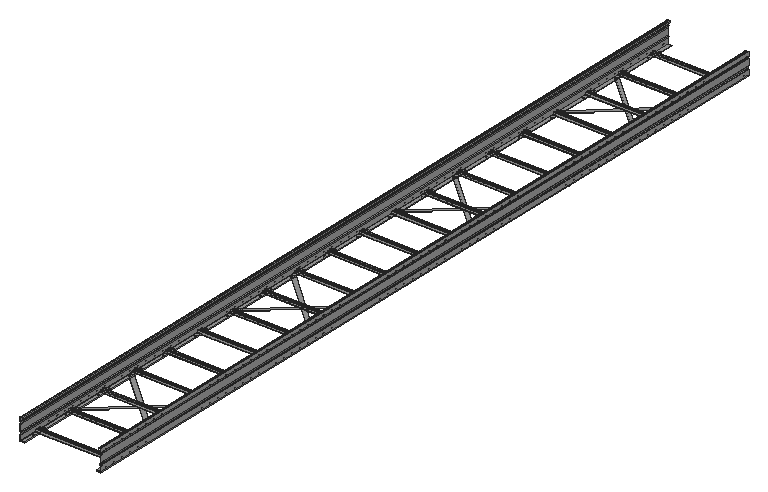
Revit family "WKLG 1660 03.09", category Generic Models, Revit 2017 (continued)
Forms (mm)
  Extrusion 172, void
    sketch origin (0, 750, 0) x (0, 1, 0) y (0, 0, 1)
      loop
        line (25.5, 135.46) -> (49.5, 135.46)
        arc (49.5, 135.46) -> (49.854, 135.607) -> (50, 135.96) r 0.5
        line (50, 135.96) -> (50, 143.96)
        arc (50, 143.96) -> (49.854, 144.314) -> (49.5, 144.46) r 0.5
    from -300 to -298
  Extrusion 173, void
    sketch origin (0, 825, 0) x (0, 1, 0) y (0, 0, 1)
      loop
        line (49.5, 144.46) -> (25.5, 144.46)
        arc (25.5, 144.46) -> (25.146, 144.314) -> (25, 143.96) r 0.5
        line (25, 143.96) -> (25, 135.96)
        arc (25, 135.96) -> (25.146, 135.607) -> (25.5, 135.46) r 0.5
        line (25.5, 135.46) -> (49.5, 135.46)
        arc (49.5, 135.46) -> (49.854, 135.607) -> (50, 135.96) r 0.5
        line (50, 135.96) -> (50, 143.96)
        arc (50, 143.96) -> (49.854, 144.314) -> (49.5, 144.46) r 0.5
    from -300 to -298
  Extrusion 174, void
    sketch origin (0, 900, 0) x (0, 1, 0) y (0, 0, 1)
      loop
        line (49.5, 144.46) -> (25.5, 144.46)
        arc (25.5, 144.46) -> (25.146, 144.314) -> (25, 143.96) r 0.5
        line (25, 143.96) -> (25, 135.96)
        arc (25, 135.96) -> (25.146, 135.607) -> (25.5, 135.46) r 0.5
        line (25.5, 135.46) -> (49.5, 135.46)
        arc (49.5, 135.46) -> (49.854, 135.607) -> (50, 135.96) r 0.5
        line (50, 135.96) -> (50, 143.96)
        arc (50, 143.96) -> (49.854, 144.314) -> (49.5, 144.46) r 0.5
    from -300 to -298
  Extrusion 175, void
    sketch origin (0, 975, 0) x (0, 1, 0) y (0, 0, 1)
      loop
        line (49.5, 144.46) -> (25.5, 144.46)
        arc (25.5, 144.46) -> (25.146, 144.314) -> (25, 143.96) r 0.5
        line (25, 143.96) -> (25, 135.96)
        arc (25, 135.96) -> (25.146, 135.607) -> (25.5, 135.46) r 0.5
        line (25.5, 135.46) -> (49.5, 135.46)
        arc (49.5, 135.46) -> (49.854, 135.607) -> (50, 135.96) r 0.5
        line (50, 135.96) -> (50, 143.96)
        arc (50, 143.96) -> (49.854, 144.314) -> (49.5, 144.46) r 0.5
    from -300 to -298
  Extrusion 176, void
    sketch origin (0, 1050, 0) x (0, 1, 0) y (0, 0, 1)
      loop
        line (49.5, 144.46) -> (25.5, 144.46)
        arc (25.5, 144.46) -> (25.146, 144.314) -> (25, 143.96) r 0.5
        line (25, 143.96) -> (25, 135.96)
        arc (25, 135.96) -> (25.146, 135.607) -> (25.5, 135.46) r 0.5
        line (25.5, 135.46) -> (49.5, 135.46)
        arc (49.5, 135.46) -> (49.854, 135.607) -> (50, 135.96) r 0.5
        line (50, 135.96) -> (50, 143.96)
        arc (50, 143.96) -> (49.854, 144.314) -> (49.5, 144.46) r 0.5
    from -300 to -298
  Extrusion 177, void
    sketch origin (0, 1125, 0) x (0, 1, 0) y (0, 0, 1)
      loop
        line (49.5, 144.46) -> (25.5, 144.46)
        arc (25.5, 144.46) -> (25.146, 144.314) -> (25, 143.96) r 0.5
        line (25, 143.96) -> (25, 135.96)
        arc (25, 135.96) -> (25.146, 135.607) -> (25.5, 135.46) r 0.5
        line (25.5, 135.46) -> (49.5, 135.46)
        arc (49.5, 135.46) -> (49.854, 135.607) -> (50, 135.96) r 0.5
        line (50, 135.96) -> (50, 143.96)
        arc (50, 143.96) -> (49.854, 144.314) -> (49.5, 144.46) r 0.5
    from -300 to -298
  Extrusion 178, void
    sketch origin (0, 1200, 0) x (0, 1, 0) y (0, 0, 1)
      loop
        line (49.5, 144.46) -> (25.5, 144.46)
        arc (25.5, 144.46) -> (25.146, 144.314) -> (25, 143.96) r 0.5
        line (25, 143.96) -> (25, 135.96)
        arc (25, 135.96) -> (25.146, 135.607) -> (25.5, 135.46) r 0.5
        line (25.5, 135.46) -> (49.5, 135.46)
        arc (49.5, 135.46) -> (49.854, 135.607) -> (50, 135.96) r 0.5
        line (50, 135.96) -> (50, 143.96)
        arc (50, 143.96) -> (49.854, 144.314) -> (49.5, 144.46) r 0.5
    from -300 to -298
  Extrusion 179, void
    sketch origin (0, 1275, 0) x (0, 1, 0) y (0, 0, 1)
      loop
        line (49.5, 144.46) -> (25.5, 144.46)
        arc (25.5, 144.46) -> (25.146, 144.314) -> (25, 143.96) r 0.5
        line (25, 143.96) -> (25, 135.96)
        arc (25, 135.96) -> (25.146, 135.607) -> (25.5, 135.46) r 0.5
        line (25.5, 135.46) -> (49.5, 135.46)
        arc (49.5, 135.46) -> (49.854, 135.607) -> (50, 135.96) r 0.5
        line (50, 135.96) -> (50, 143.96)
        arc (50, 143.96) -> (49.854, 144.314) -> (49.5, 144.46) r 0.5
    from -300 to -298
  Extrusion 180, void
    sketch origin (0, 1350, 0) x (0, 1, 0) y (0, 0, 1)
      loop
        line (49.5, 144.46) -> (25.5, 144.46)
        arc (25.5, 144.46) -> (25.146, 144.314) -> (25, 143.96) r 0.5
        line (25, 143.96) -> (25, 135.96)
        arc (25, 135.96) -> (25.146, 135.607) -> (25.5, 135.46) r 0.5
        line (25.5, 135.46) -> (49.5, 135.46)
        arc (49.5, 135.46) -> (49.854, 135.607) -> (50, 135.96) r 0.5
        line (50, 135.96) -> (50, 143.96)
        arc (50, 143.96) -> (49.854, 144.314) -> (49.5, 144.46) r 0.5
    from -300 to -298
  Extrusion 181, void
    sketch origin (0, 1425, 0) x (0, 1, 0) y (0, 0, 1)
      loop
        line (49.5, 144.46) -> (25.5, 144.46)
        arc (25.5, 144.46) -> (25.146, 144.314) -> (25, 143.96) r 0.5
        line (25, 143.96) -> (25, 135.96)
        arc (25, 135.96) -> (25.146, 135.607) -> (25.5, 135.46) r 0.5
        line (25.5, 135.46) -> (49.5, 135.46)
        arc (49.5, 135.46) -> (49.854, 135.607) -> (50, 135.96) r 0.5
        line (50, 135.96) -> (50, 143.96)
        arc (50, 143.96) -> (49.854, 144.314) -> (49.5, 144.46) r 0.5
    from -300 to -298
  Extrusion 182, void
    sketch origin (0, 1500, 0) x (0, 1, 0) y (0, 0, 1)
      loop
        line (49.5, 144.46) -> (25.5, 144.46)
        arc (25.5, 144.46) -> (25.146, 144.314) -> (25, 143.96) r 0.5
        line (25, 143.96) -> (25, 135.96)
        arc (25, 135.96) -> (25.146, 135.607) -> (25.5, 135.46) r 0.5
        line (25.5, 135.46) -> (49.5, 135.46)
        arc (49.5, 135.46) -> (49.854, 135.607) -> (50, 135.96) r 0.5
        line (50, 135.96) -> (50, 143.96)
        arc (50, 143.96) -> (49.854, 144.314) -> (49.5, 144.46) r 0.5
    from -300 to -298
  Extrusion 183, void
    sketch origin (0, 1575, 0) x (0, 1, 0) y (0, 0, 1)
      loop
        line (49.5, 144.46) -> (25.5, 144.46)
        arc (25.5, 144.46) -> (25.146, 144.314) -> (25, 143.96) r 0.5
        line (25, 143.96) -> (25, 135.96)
        arc (25, 135.96) -> (25.146, 135.607) -> (25.5, 135.46) r 0.5
        line (25.5, 135.46) -> (49.5, 135.46)
        arc (49.5, 135.46) -> (49.854, 135.607) -> (50, 135.96) r 0.5
        line (50, 135.96) -> (50, 143.96)
        arc (50, 143.96) -> (49.854, 144.314) -> (49.5, 144.46) r 0.5
    from -300 to -298
  Extrusion 184, void
    sketch origin (0, 1650, 0) x (0, 1, 0) y (0, 0, 1)
      loop
        line (49.5, 144.46) -> (25.5, 144.46)
        arc (25.5, 144.46) -> (25.146, 144.314) -> (25, 143.96) r 0.5
        line (25, 143.96) -> (25, 135.96)
        arc (25, 135.96) -> (25.146, 135.607) -> (25.5, 135.46) r 0.5
        line (25.5, 135.46) -> (49.5, 135.46)
        arc (49.5, 135.46) -> (49.854, 135.607) -> (50, 135.96) r 0.5
        line (50, 135.96) -> (50, 143.96)
        arc (50, 143.96) -> (49.854, 144.314) -> (49.5, 144.46) r 0.5
    from -300 to -298
  Extrusion 185, void
    sketch origin (0, 1725, 0) x (0, 1, 0) y (0, 0, 1)
      loop
        line (49.5, 144.46) -> (25.5, 144.46)
        arc (25.5, 144.46) -> (25.146, 144.314) -> (25, 143.96) r 0.5
        line (25, 143.96) -> (25, 135.96)
        arc (25, 135.96) -> (25.146, 135.607) -> (25.5, 135.46) r 0.5
        line (25.5, 135.46) -> (49.5, 135.46)
        arc (49.5, 135.46) -> (49.854, 135.607) -> (50, 135.96) r 0.5
        line (50, 135.96) -> (50, 143.96)
        arc (50, 143.96) -> (49.854, 144.314) -> (49.5, 144.46) r 0.5
    from -300 to -298
  Extrusion 186, void
    sketch origin (0, 1800, 0) x (0, 1, 0) y (0, 0, 1)
      loop
        line (49.5, 144.46) -> (25.5, 144.46)
        arc (25.5, 144.46) -> (25.146, 144.314) -> (25, 143.96) r 0.5
        line (25, 143.96) -> (25, 135.96)
        arc (25, 135.96) -> (25.146, 135.607) -> (25.5, 135.46) r 0.5
        line (25.5, 135.46) -> (49.5, 135.46)
        arc (49.5, 135.46) -> (49.854, 135.607) -> (50, 135.96) r 0.5
        line (50, 135.96) -> (50, 143.96)
        arc (50, 143.96) -> (49.854, 144.314) -> (49.5, 144.46) r 0.5
    from -300 to -298
  Extrusion 187, void
    sketch origin (0, 1875, 0) x (0, 1, 0) y (0, 0, 1)
      loop
        line (49.5, 144.46) -> (25.5, 144.46)
        arc (25.5, 144.46) -> (25.146, 144.314) -> (25, 143.96) r 0.5
        line (25, 143.96) -> (25, 135.96)
        arc (25, 135.96) -> (25.146, 135.607) -> (25.5, 135.46) r 0.5
        line (25.5, 135.46) -> (49.5, 135.46)
        arc (49.5, 135.46) -> (49.854, 135.607) -> (50, 135.96) r 0.5
        line (50, 135.96) -> (50, 143.96)
        arc (50, 143.96) -> (49.854, 144.314) -> (49.5, 144.46) r 0.5
    from -300 to -298
  Extrusion 188, void
    sketch origin (0, 1950, 0) x (0, 1, 0) y (0, 0, 1)
      loop
        line (49.5, 144.46) -> (25.5, 144.46)
        arc (25.5, 144.46) -> (25.146, 144.314) -> (25, 143.96) r 0.5
        line (25, 143.96) -> (25, 135.96)
        arc (25, 135.96) -> (25.146, 135.607) -> (25.5, 135.46) r 0.5
        line (25.5, 135.46) -> (49.5, 135.46)
        arc (49.5, 135.46) -> (49.854, 135.607) -> (50, 135.96) r 0.5
        line (50, 135.96) -> (50, 143.96)
        arc (50, 143.96) -> (49.854, 144.314) -> (49.5, 144.46) r 0.5
    from -300 to -298
  Extrusion 189, void
    sketch origin (0, 2025, 0) x (0, 1, 0) y (0, 0, 1)
      loop
        line (49.5, 144.46) -> (25.5, 144.46)
        arc (25.5, 144.46) -> (25.146, 144.314) -> (25, 143.96) r 0.5
        line (25, 143.96) -> (25, 135.96)
        arc (25, 135.96) -> (25.146, 135.607) -> (25.5, 135.46) r 0.5
        line (25.5, 135.46) -> (49.5, 135.46)
        arc (49.5, 135.46) -> (49.854, 135.607) -> (50, 135.96) r 0.5
        line (50, 135.96) -> (50, 143.96)
        arc (50, 143.96) -> (49.854, 144.314) -> (49.5, 144.46) r 0.5
    from -300 to -298
  Extrusion 190, void
    sketch origin (0, 2100, 0) x (0, 1, 0) y (0, 0, 1)
      loop
        line (49.5, 144.46) -> (25.5, 144.46)
        arc (25.5, 144.46) -> (25.146, 144.314) -> (25, 143.96) r 0.5
        line (25, 143.96) -> (25, 135.96)
        arc (25, 135.96) -> (25.146, 135.607) -> (25.5, 135.46) r 0.5
        line (25.5, 135.46) -> (49.5, 135.46)
        arc (49.5, 135.46) -> (49.854, 135.607) -> (50, 135.96) r 0.5
        line (50, 135.96) -> (50, 143.96)
        arc (50, 143.96) -> (49.854, 144.314) -> (49.5, 144.46) r 0.5
    from -300 to -298
  Extrusion 191, void
    sketch origin (0, 2175, 0) x (0, 1, 0) y (0, 0, 1)
      loop
        line (49.5, 144.46) -> (25.5, 144.46)
        arc (25.5, 144.46) -> (25.146, 144.314) -> (25, 143.96) r 0.5
        line (25, 143.96) -> (25, 135.96)
        arc (25, 135.96) -> (25.146, 135.607) -> (25.5, 135.46) r 0.5
        line (25.5, 135.46) -> (49.5, 135.46)
        arc (49.5, 135.46) -> (49.854, 135.607) -> (50, 135.96) r 0.5
        line (50, 135.96) -> (50, 143.96)
        arc (50, 143.96) -> (49.854, 144.314) -> (49.5, 144.46) r 0.5
    from -300 to -298
  Extrusion 192, void
    sketch origin (0, 2250, 0) x (0, 1, 0) y (0, 0, 1)
      loop
        line (49.5, 144.46) -> (25.5, 144.46)
        arc (25.5, 144.46) -> (25.146, 144.314) -> (25, 143.96) r 0.5
        line (25, 143.96) -> (25, 135.96)
        arc (25, 135.96) -> (25.146, 135.607) -> (25.5, 135.46) r 0.5
        line (25.5, 135.46) -> (49.5, 135.46)
        arc (49.5, 135.46) -> (49.854, 135.607) -> (50, 135.96) r 0.5
        line (50, 135.96) -> (50, 143.96)
        arc (50, 143.96) -> (49.854, 144.314) -> (49.5, 144.46) r 0.5
    from -300 to -298
  Extrusion 193, void
    sketch origin (0, 2325, 0) x (0, 1, 0) y (0, 0, 1)
      loop
        line (49.5, 144.46) -> (25.5, 144.46)
        arc (25.5, 144.46) -> (25.146, 144.314) -> (25, 143.96) r 0.5
        line (25, 143.96) -> (25, 135.96)
        arc (25, 135.96) -> (25.146, 135.607) -> (25.5, 135.46) r 0.5
        line (25.5, 135.46) -> (49.5, 135.46)
        arc (49.5, 135.46) -> (49.854, 135.607) -> (50, 135.96) r 0.5
        line (50, 135.96) -> (50, 143.96)
        arc (50, 143.96) -> (49.854, 144.314) -> (49.5, 144.46) r 0.5
    from -300 to -298
  Extrusion 194, void
    sketch origin (0, 2400, 0) x (0, 1, 0) y (0, 0, 1)
      loop
        line (49.5, 144.46) -> (25.5, 144.46)
        arc (25.5, 144.46) -> (25.146, 144.314) -> (25, 143.96) r 0.5
        line (25, 143.96) -> (25, 135.96)
        arc (25, 135.96) -> (25.146, 135.607) -> (25.5, 135.46) r 0.5
        line (25.5, 135.46) -> (49.5, 135.46)
        arc (49.5, 135.46) -> (49.854, 135.607) -> (50, 135.96) r 0.5
        line (50, 135.96) -> (50, 143.96)
        arc (50, 143.96) -> (49.854, 144.314) -> (49.5, 144.46) r 0.5
    from -300 to -298
  Extrusion 195, void
    sketch origin (0, 2475, 0) x (0, 1, 0) y (0, 0, 1)
      loop
        line (49.5, 144.46) -> (25.5, 144.46)
        arc (25.5, 144.46) -> (25.146, 144.314) -> (25, 143.96) r 0.5
        line (25, 143.96) -> (25, 135.96)
        arc (25, 135.96) -> (25.146, 135.607) -> (25.5, 135.46) r 0.5
        line (25.5, 135.46) -> (49.5, 135.46)
        arc (49.5, 135.46) -> (49.854, 135.607) -> (50, 135.96) r 0.5
        line (50, 135.96) -> (50, 143.96)
        arc (50, 143.96) -> (49.854, 144.314) -> (49.5, 144.46) r 0.5
    from -300 to -298
  Extrusion 196, void
    sketch origin (0, 2550, 0) x (0, 1, 0) y (0, 0, 1)
      loop
        line (49.5, 144.46) -> (25.5, 144.46)
        arc (25.5, 144.46) -> (25.146, 144.314) -> (25, 143.96) r 0.5
        line (25, 143.96) -> (25, 135.96)
        arc (25, 135.96) -> (25.146, 135.607) -> (25.5, 135.46) r 0.5
        line (25.5, 135.46) -> (49.5, 135.46)
        arc (49.5, 135.46) -> (49.854, 135.607) -> (50, 135.96) r 0.5
        line (50, 135.96) -> (50, 143.96)
        arc (50, 143.96) -> (49.854, 144.314) -> (49.5, 144.46) r 0.5
    from -300 to -298
  Extrusion 197, void
    sketch origin (0, 2625, 0) x (0, 1, 0) y (0, 0, 1)
      loop
        line (49.5, 144.46) -> (25.5, 144.46)
        arc (25.5, 144.46) -> (25.146, 144.314) -> (25, 143.96) r 0.5
        line (25, 143.96) -> (25, 135.96)
        arc (25, 135.96) -> (25.146, 135.607) -> (25.5, 135.46) r 0.5
        line (25.5, 135.46) -> (49.5, 135.46)
        arc (49.5, 135.46) -> (49.854, 135.607) -> (50, 135.96) r 0.5
        line (50, 135.96) -> (50, 143.96)
        arc (50, 143.96) -> (49.854, 144.314) -> (49.5, 144.46) r 0.5
    from -300 to -298
  Extrusion 198, void
    sketch origin (0, 2700, 0) x (0, 1, 0) y (0, 0, 1)
      loop
        line (49.5, 144.46) -> (25.5, 144.46)
        arc (25.5, 144.46) -> (25.146, 144.314) -> (25, 143.96) r 0.5
        line (25, 143.96) -> (25, 135.96)
        arc (25, 135.96) -> (25.146, 135.607) -> (25.5, 135.46) r 0.5
        line (25.5, 135.46) -> (49.5, 135.46)
        arc (49.5, 135.46) -> (49.854, 135.607) -> (50, 135.96) r 0.5
        line (50, 135.96) -> (50, 143.96)
        arc (50, 143.96) -> (49.854, 144.314) -> (49.5, 144.46) r 0.5
    from -300 to -298
  Extrusion 199, void
    sketch origin (0, 2775, 0) x (0, 1, 0) y (0, 0, 1)
      loop
        line (49.5, 144.46) -> (25.5, 144.46)
        arc (25.5, 144.46) -> (25.146, 144.314) -> (25, 143.96) r 0.5
        line (25, 143.96) -> (25, 135.96)
        arc (25, 135.96) -> (25.146, 135.607) -> (25.5, 135.46) r 0.5
        line (25.5, 135.46) -> (49.5, 135.46)
        arc (49.5, 135.46) -> (49.854, 135.607) -> (50, 135.96) r 0.5
        line (50, 135.96) -> (50, 143.96)
        arc (50, 143.96) -> (49.854, 144.314) -> (49.5, 144.46) r 0.5
    from -300 to -298
  Extrusion 200, void
    sketch origin (0, 2850, 0) x (0, 1, 0) y (0, 0, 1)
      loop
        line (49.5, 144.46) -> (25.5, 144.46)
        arc (25.5, 144.46) -> (25.146, 144.314) -> (25, 143.96) r 0.5
        line (25, 143.96) -> (25, 135.96)
        arc (25, 135.96) -> (25.146, 135.607) -> (25.5, 135.46) r 0.5
        line (25.5, 135.46) -> (49.5, 135.46)
        arc (49.5, 135.46) -> (49.854, 135.607) -> (50, 135.96) r 0.5
        line (50, 135.96) -> (50, 143.96)
        arc (50, 143.96) -> (49.854, 144.314) -> (49.5, 144.46) r 0.5
    from -300 to -298
  Extrusion 201, void
    sketch origin (0, 2925, 0) x (0, 1, 0) y (0, 0, 1)
      loop
        line (49.5, 144.46) -> (25.5, 144.46)
        arc (25.5, 144.46) -> (25.146, 144.314) -> (25, 143.96) r 0.5
        line (25, 143.96) -> (25, 135.96)
        arc (25, 135.96) -> (25.146, 135.607) -> (25.5, 135.46) r 0.5
        line (25.5, 135.46) -> (49.5, 135.46)
        arc (49.5, 135.46) -> (49.854, 135.607) -> (50, 135.96) r 0.5
        line (50, 135.96) -> (50, 143.96)
        arc (50, 143.96) -> (49.854, 144.314) -> (49.5, 144.46) r 0.5
    from -300 to -298
  Extrusion 202, void
    sketch origin (0, 3000, 0) x (0, 1, 0) y (0, 0, 1)
      loop
        line (49.5, 144.46) -> (25.5, 144.46)
        arc (25.5, 144.46) -> (25.146, 144.314) -> (25, 143.96) r 0.5
        line (25, 143.96) -> (25, 135.96)
        arc (25, 135.96) -> (25.146, 135.607) -> (25.5, 135.46) r 0.5
        line (25.5, 135.46) -> (49.5, 135.46)
        arc (49.5, 135.46) -> (49.854, 135.607) -> (50, 135.96) r 0.5
        line (50, 135.96) -> (50, 143.96)
        arc (50, 143.96) -> (49.854, 144.314) -> (49.5, 144.46) r 0.5
    from -300 to -298
  Extrusion 203, void
    sketch origin (0, 3075, 0) x (0, 1, 0) y (0, 0, 1)
      loop
        line (49.5, 144.46) -> (25.5, 144.46)
        arc (25.5, 144.46) -> (25.146, 144.314) -> (25, 143.96) r 0.5
        line (25, 143.96) -> (25, 135.96)
        arc (25, 135.96) -> (25.146, 135.607) -> (25.5, 135.46) r 0.5
        line (25.5, 135.46) -> (49.5, 135.46)
        arc (49.5, 135.46) -> (49.854, 135.607) -> (50, 135.96) r 0.5
        line (50, 135.96) -> (50, 143.96)
        arc (50, 143.96) -> (49.854, 144.314) -> (49.5, 144.46) r 0.5
    from -300 to -298
  Extrusion 204, void
    sketch origin (0, 3150, 0) x (0, 1, 0) y (0, 0, 1)
      loop
        line (49.5, 144.46) -> (25.5, 144.46)
        arc (25.5, 144.46) -> (25.146, 144.314) -> (25, 143.96) r 0.5
        line (25, 143.96) -> (25, 135.96)
        arc (25, 135.96) -> (25.146, 135.607) -> (25.5, 135.46) r 0.5
        line (25.5, 135.46) -> (49.5, 135.46)
        arc (49.5, 135.46) -> (49.854, 135.607) -> (50, 135.96) r 0.5
        line (50, 135.96) -> (50, 143.96)
        arc (50, 143.96) -> (49.854, 144.314) -> (49.5, 144.46) r 0.5
    from -300 to -298
  Extrusion 205, void
    sketch origin (0, 3225, 0) x (0, 1, 0) y (0, 0, 1)
      loop
        line (49.5, 144.46) -> (25.5, 144.46)
        arc (25.5, 144.46) -> (25.146, 144.314) -> (25, 143.96) r 0.5
        line (25, 143.96) -> (25, 135.96)
        arc (25, 135.96) -> (25.146, 135.607) -> (25.5, 135.46) r 0.5
        line (25.5, 135.46) -> (49.5, 135.46)
        arc (49.5, 135.46) -> (49.854, 135.607) -> (50, 135.96) r 0.5
        line (50, 135.96) -> (50, 143.96)
        arc (50, 143.96) -> (49.854, 144.314) -> (49.5, 144.46) r 0.5
    from -300 to -298
  Extrusion 206, void
    sketch origin (0, 3300, 0) x (0, 1, 0) y (0, 0, 1)
      loop
        line (49.5, 144.46) -> (25.5, 144.46)
        arc (25.5, 144.46) -> (25.146, 144.314) -> (25, 143.96) r 0.5
        line (25, 143.96) -> (25, 135.96)
        arc (25, 135.96) -> (25.146, 135.607) -> (25.5, 135.46) r 0.5
        line (25.5, 135.46) -> (49.5, 135.46)
        arc (49.5, 135.46) -> (49.854, 135.607) -> (50, 135.96) r 0.5
        line (50, 135.96) -> (50, 143.96)
        arc (50, 143.96) -> (49.854, 144.314) -> (49.5, 144.46) r 0.5
    from -300 to -298
  Extrusion 207, void
    sketch origin (0, 3375, 0) x (0, 1, 0) y (0, 0, 1)
      loop
        line (49.5, 144.46) -> (25.5, 144.46)
        arc (25.5, 144.46) -> (25.146, 144.314) -> (25, 143.96) r 0.5
        line (25, 143.96) -> (25, 135.96)
        arc (25, 135.96) -> (25.146, 135.607) -> (25.5, 135.46) r 0.5
        line (25.5, 135.46) -> (49.5, 135.46)
        arc (49.5, 135.46) -> (49.854, 135.607) -> (50, 135.96) r 0.5
        line (50, 135.96) -> (50, 143.96)
        arc (50, 143.96) -> (49.854, 144.314) -> (49.5, 144.46) r 0.5
    from -300 to -298
  Extrusion 208, void
    sketch origin (0, 3450, 0) x (0, 1, 0) y (0, 0, 1)
      loop
        line (49.5, 144.46) -> (25.5, 144.46)
        arc (25.5, 144.46) -> (25.146, 144.314) -> (25, 143.96) r 0.5
        line (25, 143.96) -> (25, 135.96)
        arc (25, 135.96) -> (25.146, 135.607) -> (25.5, 135.46) r 0.5
        line (25.5, 135.46) -> (49.5, 135.46)
        arc (49.5, 135.46) -> (49.854, 135.607) -> (50, 135.96) r 0.5
        line (50, 135.96) -> (50, 143.96)
        arc (50, 143.96) -> (49.854, 144.314) -> (49.5, 144.46) r 0.5
    from -300 to -298
  Extrusion 209, void
    sketch origin (0, 3525, 0) x (0, 1, 0) y (0, 0, 1)
      loop
        line (49.5, 144.46) -> (25.5, 144.46)
        arc (25.5, 144.46) -> (25.146, 144.314) -> (25, 143.96) r 0.5
        line (25, 143.96) -> (25, 135.96)
        arc (25, 135.96) -> (25.146, 135.607) -> (25.5, 135.46) r 0.5
        line (25.5, 135.46) -> (49.5, 135.46)
        arc (49.5, 135.46) -> (49.854, 135.607) -> (50, 135.96) r 0.5
        line (50, 135.96) -> (50, 143.96)
        arc (50, 143.96) -> (49.854, 144.314) -> (49.5, 144.46) r 0.5
    from -300 to -298
  Extrusion 210, void
    sketch origin (0, 3600, 0) x (0, 1, 0) y (0, 0, 1)
      loop
        line (49.5, 144.46) -> (25.5, 144.46)
        arc (25.5, 144.46) -> (25.146, 144.314) -> (25, 143.96) r 0.5
        line (25, 143.96) -> (25, 135.96)
        arc (25, 135.96) -> (25.146, 135.607) -> (25.5, 135.46) r 0.5
        line (25.5, 135.46) -> (49.5, 135.46)
        arc (49.5, 135.46) -> (49.854, 135.607) -> (50, 135.96) r 0.5
        line (50, 135.96) -> (50, 143.96)
        arc (50, 143.96) -> (49.854, 144.314) -> (49.5, 144.46) r 0.5
    from -300 to -298
  Extrusion 211, void
    sketch origin (0, 3675, 0) x (0, 1, 0) y (0, 0, 1)
      loop
        line (49.5, 144.46) -> (25.5, 144.46)
        arc (25.5, 144.46) -> (25.146, 144.314) -> (25, 143.96) r 0.5
        line (25, 143.96) -> (25, 135.96)
        arc (25, 135.96) -> (25.146, 135.607) -> (25.5, 135.46) r 0.5
        line (25.5, 135.46) -> (49.5, 135.46)
        arc (49.5, 135.46) -> (49.854, 135.607) -> (50, 135.96) r 0.5
        line (50, 135.96) -> (50, 143.96)
        arc (50, 143.96) -> (49.854, 144.314) -> (49.5, 144.46) r 0.5
    from -300 to -298
  Extrusion 212, void
    sketch origin (0, 3750, 0) x (0, 1, 0) y (0, 0, 1)
      loop
        line (49.5, 144.46) -> (25.5, 144.46)
        arc (25.5, 144.46) -> (25.146, 144.314) -> (25, 143.96) r 0.5
        line (25, 143.96) -> (25, 135.96)
        arc (25, 135.96) -> (25.146, 135.607) -> (25.5, 135.46) r 0.5
        line (25.5, 135.46) -> (49.5, 135.46)
        arc (49.5, 135.46) -> (49.854, 135.607) -> (50, 135.96) r 0.5
        line (50, 135.96) -> (50, 143.96)
        arc (50, 143.96) -> (49.854, 144.314) -> (49.5, 144.46) r 0.5
    from -300 to -298
  Extrusion 213, void
    sketch origin (0, 3825, 0) x (0, 1, 0) y (0, 0, 1)
      loop
        line (49.5, 144.46) -> (25.5, 144.46)
        arc (25.5, 144.46) -> (25.146, 144.314) -> (25, 143.96) r 0.5
        line (25, 143.96) -> (25, 135.96)
        arc (25, 135.96) -> (25.146, 135.607) -> (25.5, 135.46) r 0.5
        line (25.5, 135.46) -> (49.5, 135.46)
        arc (49.5, 135.46) -> (49.854, 135.607) -> (50, 135.96) r 0.5
        line (50, 135.96) -> (50, 143.96)
        arc (50, 143.96) -> (49.854, 144.314) -> (49.5, 144.46) r 0.5
    from -300 to -298
  Extrusion 214, void
    sketch origin (0, 3900, 0) x (0, 1, 0) y (0, 0, 1)
      loop
        line (49.5, 144.46) -> (25.5, 144.46)
        arc (25.5, 144.46) -> (25.146, 144.314) -> (25, 143.96) r 0.5
        line (25, 143.96) -> (25, 135.96)
        arc (25, 135.96) -> (25.146, 135.607) -> (25.5, 135.46) r 0.5
        line (25.5, 135.46) -> (49.5, 135.46)
        arc (49.5, 135.46) -> (49.854, 135.607) -> (50, 135.96) r 0.5
        line (50, 135.96) -> (50, 143.96)
        arc (50, 143.96) -> (49.854, 144.314) -> (49.5, 144.46) r 0.5
    from -300 to -298
  Extrusion 215, void
    sketch origin (0, 3975, 0) x (0, 1, 0) y (0, 0, 1)
      loop
        line (49.5, 144.46) -> (25.5, 144.46)
        arc (25.5, 144.46) -> (25.146, 144.314) -> (25, 143.96) r 0.5
        line (25, 143.96) -> (25, 135.96)
        arc (25, 135.96) -> (25.146, 135.607) -> (25.5, 135.46) r 0.5
        line (25.5, 135.46) -> (49.5, 135.46)
        arc (49.5, 135.46) -> (49.854, 135.607) -> (50, 135.96) r 0.5
        line (50, 135.96) -> (50, 143.96)
        arc (50, 143.96) -> (49.854, 144.314) -> (49.5, 144.46) r 0.5
    from -300 to -298
  Extrusion 216, void
    sketch origin (0, 4050, 0) x (0, 1, 0) y (0, 0, 1)
      loop
        line (49.5, 144.46) -> (25.5, 144.46)
        arc (25.5, 144.46) -> (25.146, 144.314) -> (25, 143.96) r 0.5
        line (25, 143.96) -> (25, 135.96)
        arc (25, 135.96) -> (25.146, 135.607) -> (25.5, 135.46) r 0.5
        line (25.5, 135.46) -> (49.5, 135.46)
        arc (49.5, 135.46) -> (49.854, 135.607) -> (50, 135.96) r 0.5
        line (50, 135.96) -> (50, 143.96)
        arc (50, 143.96) -> (49.854, 144.314) -> (49.5, 144.46) r 0.5
    from -300 to -298
  Extrusion 217, void
    sketch origin (0, 4125, 0) x (0, 1, 0) y (0, 0, 1)
      loop
        line (49.5, 144.46) -> (25.5, 144.46)
        arc (25.5, 144.46) -> (25.146, 144.314) -> (25, 143.96) r 0.5
        line (25, 143.96) -> (25, 135.96)
        arc (25, 135.96) -> (25.146, 135.607) -> (25.5, 135.46) r 0.5
        line (25.5, 135.46) -> (49.5, 135.46)
        arc (49.5, 135.46) -> (49.854, 135.607) -> (50, 135.96) r 0.5
        line (50, 135.96) -> (50, 143.96)
        arc (50, 143.96) -> (49.854, 144.314) -> (49.5, 144.46) r 0.5
    from -300 to -298
  Extrusion 218, void
    sketch origin (0, 4200, 0) x (0, 1, 0) y (0, 0, 1)
      loop
        line (49.5, 144.46) -> (25.5, 144.46)
        arc (25.5, 144.46) -> (25.146, 144.314) -> (25, 143.96) r 0.5
        line (25, 143.96) -> (25, 135.96)
        arc (25, 135.96) -> (25.146, 135.607) -> (25.5, 135.46) r 0.5
        line (25.5, 135.46) -> (49.5, 135.46)
        arc (49.5, 135.46) -> (49.854, 135.607) -> (50, 135.96) r 0.5
        line (50, 135.96) -> (50, 143.96)
        arc (50, 143.96) -> (49.854, 144.314) -> (49.5, 144.46) r 0.5
    from -300 to -298
  Extrusion 219, void
    sketch origin (0, 4275, 0) x (0, 1, 0) y (0, 0, 1)
      loop
        line (49.5, 144.46) -> (25.5, 144.46)
        arc (25.5, 144.46) -> (25.146, 144.314) -> (25, 143.96) r 0.5
        line (25, 143.96) -> (25, 135.96)
        arc (25, 135.96) -> (25.146, 135.607) -> (25.5, 135.46) r 0.5
        line (25.5, 135.46) -> (49.5, 135.46)
        arc (49.5, 135.46) -> (49.854, 135.607) -> (50, 135.96) r 0.5
        line (50, 135.96) -> (50, 143.96)
        arc (50, 143.96) -> (49.854, 144.314) -> (49.5, 144.46) r 0.5
    from -300 to -298
  Extrusion 220, void
    sketch origin (0, 4350, 0) x (0, 1, 0) y (0, 0, 1)
      loop
        line (49.5, 144.46) -> (25.5, 144.46)
        arc (25.5, 144.46) -> (25.146, 144.314) -> (25, 143.96) r 0.5
        line (25, 143.96) -> (25, 135.96)
        arc (25, 135.96) -> (25.146, 135.607) -> (25.5, 135.46) r 0.5
        line (25.5, 135.46) -> (49.5, 135.46)
        arc (49.5, 135.46) -> (49.854, 135.607) -> (50, 135.96) r 0.5
        line (50, 135.96) -> (50, 143.96)
        arc (50, 143.96) -> (49.854, 144.314) -> (49.5, 144.46) r 0.5
    from -300 to -298
  Extrusion 221, void
    sketch origin (0, 4425, 0) x (0, 1, 0) y (0, 0, 1)
      loop
        line (49.5, 144.46) -> (25.5, 144.46)
        arc (25.5, 144.46) -> (25.146, 144.314) -> (25, 143.96) r 0.5
        line (25, 143.96) -> (25, 135.96)
        arc (25, 135.96) -> (25.146, 135.607) -> (25.5, 135.46) r 0.5
        line (25.5, 135.46) -> (49.5, 135.46)
        arc (49.5, 135.46) -> (49.854, 135.607) -> (50, 135.96) r 0.5
        line (50, 135.96) -> (50, 143.96)
        arc (50, 143.96) -> (49.854, 144.314) -> (49.5, 144.46) r 0.5
    from -300 to -298
  Extrusion 222, void
    sketch origin (0, 4500, 0) x (0, 1, 0) y (0, 0, 1)
      loop
        line (49.5, 144.46) -> (25.5, 144.46)
        arc (25.5, 144.46) -> (25.146, 144.314) -> (25, 143.96) r 0.5
        line (25, 143.96) -> (25, 135.96)
        arc (25, 135.96) -> (25.146, 135.607) -> (25.5, 135.46) r 0.5
        line (25.5, 135.46) -> (49.5, 135.46)
        arc (49.5, 135.46) -> (49.854, 135.607) -> (50, 135.96) r 0.5
        line (50, 135.96) -> (50, 143.96)
        arc (50, 143.96) -> (49.854, 144.314) -> (49.5, 144.46) r 0.5
    from -300 to -298
  Extrusion 223, void
    sketch origin (0, 4575, 0) x (0, 1, 0) y (0, 0, 1)
      loop
        line (49.5, 144.46) -> (25.5, 144.46)
        arc (25.5, 144.46) -> (25.146, 144.314) -> (25, 143.96) r 0.5
        line (25, 143.96) -> (25, 135.96)
        arc (25, 135.96) -> (25.146, 135.607) -> (25.5, 135.46) r 0.5
        line (25.5, 135.46) -> (49.5, 135.46)
        arc (49.5, 135.46) -> (49.854, 135.607) -> (50, 135.96) r 0.5
        line (50, 135.96) -> (50, 143.96)
        arc (50, 143.96) -> (49.854, 144.314) -> (49.5, 144.46) r 0.5
    from -300 to -298
  Extrusion 224, void
    sketch origin (0, 4650, 0) x (0, 1, 0) y (0, 0, 1)
      loop
        line (49.5, 144.46) -> (25.5, 144.46)
        arc (25.5, 144.46) -> (25.146, 144.314) -> (25, 143.96) r 0.5
        line (25, 143.96) -> (25, 135.96)
        arc (25, 135.96) -> (25.146, 135.607) -> (25.5, 135.46) r 0.5
        line (25.5, 135.46) -> (49.5, 135.46)
        arc (49.5, 135.46) -> (49.854, 135.607) -> (50, 135.96) r 0.5
        line (50, 135.96) -> (50, 143.96)
        arc (50, 143.96) -> (49.854, 144.314) -> (49.5, 144.46) r 0.5
    from -300 to -298
  Extrusion 225, void
    sketch origin (0, 4725, 0) x (0, 1, 0) y (0, 0, 1)
      loop
        line (49.5, 144.46) -> (25.5, 144.46)
        arc (25.5, 144.46) -> (25.146, 144.314) -> (25, 143.96) r 0.5
        line (25, 143.96) -> (25, 135.96)
        arc (25, 135.96) -> (25.146, 135.607) -> (25.5, 135.46) r 0.5
        line (25.5, 135.46) -> (49.5, 135.46)
        arc (49.5, 135.46) -> (49.854, 135.607) -> (50, 135.96) r 0.5
        line (50, 135.96) -> (50, 143.96)
        arc (50, 143.96) -> (49.854, 144.314) -> (49.5, 144.46) r 0.5
    from -300 to -298
  Extrusion 226, void
    sketch origin (0, 4800, 0) x (0, 1, 0) y (0, 0, 1)
      loop
        line (49.5, 144.46) -> (25.5, 144.46)
        arc (25.5, 144.46) -> (25.146, 144.314) -> (25, 143.96) r 0.5
        line (25, 143.96) -> (25, 135.96)
        arc (25, 135.96) -> (25.146, 135.607) -> (25.5, 135.46) r 0.5
        line (25.5, 135.46) -> (49.5, 135.46)
        arc (49.5, 135.46) -> (49.854, 135.607) -> (50, 135.96) r 0.5
        line (50, 135.96) -> (50, 143.96)
        arc (50, 143.96) -> (49.854, 144.314) -> (49.5, 144.46) r 0.5
    from -300 to -298
  Extrusion 227, void
    sketch origin (0, 4875, 0) x (0, 1, 0) y (0, 0, 1)
      loop
        line (49.5, 144.46) -> (25.5, 144.46)
        arc (25.5, 144.46) -> (25.146, 144.314) -> (25, 143.96) r 0.5
        line (25, 143.96) -> (25, 135.96)
        arc (25, 135.96) -> (25.146, 135.607) -> (25.5, 135.46) r 0.5
        line (25.5, 135.46) -> (49.5, 135.46)
        arc (49.5, 135.46) -> (49.854, 135.607) -> (50, 135.96) r 0.5
        line (50, 135.96) -> (50, 143.96)
        arc (50, 143.96) -> (49.854, 144.314) -> (49.5, 144.46) r 0.5
    from -300 to -298
  Extrusion 228, void
    sketch origin (0, 4950, 0) x (0, 1, 0) y (0, 0, 1)
      loop
        line (49.5, 144.46) -> (25.5, 144.46)
        arc (25.5, 144.46) -> (25.146, 144.314) -> (25, 143.96) r 0.5
        line (25, 143.96) -> (25, 135.96)
        arc (25, 135.96) -> (25.146, 135.607) -> (25.5, 135.46) r 0.5
        line (25.5, 135.46) -> (49.5, 135.46)
        arc (49.5, 135.46) -> (49.854, 135.607) -> (50, 135.96) r 0.5
        line (50, 135.96) -> (50, 143.96)
        arc (50, 143.96) -> (49.854, 144.314) -> (49.5, 144.46) r 0.5
    from -300 to -298
  Extrusion 229, void
    sketch origin (0, 5025, 0) x (0, 1, 0) y (0, 0, 1)
      loop
        line (49.5, 144.46) -> (25.5, 144.46)
        arc (25.5, 144.46) -> (25.146, 144.314) -> (25, 143.96) r 0.5
        line (25, 143.96) -> (25, 135.96)
        arc (25, 135.96) -> (25.146, 135.607) -> (25.5, 135.46) r 0.5
        line (25.5, 135.46) -> (49.5, 135.46)
        arc (49.5, 135.46) -> (49.854, 135.607) -> (50, 135.96) r 0.5
        line (50, 135.96) -> (50, 143.96)
        arc (50, 143.96) -> (49.854, 144.314) -> (49.5, 144.46) r 0.5
    from -300 to -298
  Extrusion 230, void
    sketch origin (0, 5100, 0) x (0, 1, 0) y (0, 0, 1)
      loop
        line (49.5, 144.46) -> (25.5, 144.46)
        arc (25.5, 144.46) -> (25.146, 144.314) -> (25, 143.96) r 0.5
        line (25, 143.96) -> (25, 135.96)
        arc (25, 135.96) -> (25.146, 135.607) -> (25.5, 135.46) r 0.5
        line (25.5, 135.46) -> (49.5, 135.46)
        arc (49.5, 135.46) -> (49.854, 135.607) -> (50, 135.96) r 0.5
        line (50, 135.96) -> (50, 143.96)
        arc (50, 143.96) -> (49.854, 144.314) -> (49.5, 144.46) r 0.5
    from -300 to -298
  Extrusion 231, void
    sketch origin (0, 5175, 0) x (0, 1, 0) y (0, 0, 1)
      loop
        line (49.5, 144.46) -> (25.5, 144.46)
        arc (25.5, 144.46) -> (25.146, 144.314) -> (25, 143.96) r 0.5
        line (25, 143.96) -> (25, 135.96)
        arc (25, 135.96) -> (25.146, 135.607) -> (25.5, 135.46) r 0.5
        line (25.5, 135.46) -> (49.5, 135.46)
        arc (49.5, 135.46) -> (49.854, 135.607) -> (50, 135.96) r 0.5
        line (50, 135.96) -> (50, 143.96)
        arc (50, 143.96) -> (49.854, 144.314) -> (49.5, 144.46) r 0.5
    from -300 to -298
  Extrusion 232, void
    sketch origin (0, 5250, 0) x (0, 1, 0) y (0, 0, 1)
      loop
        line (49.5, 144.46) -> (25.5, 144.46)
        arc (25.5, 144.46) -> (25.146, 144.314) -> (25, 143.96) r 0.5
        line (25, 143.96) -> (25, 135.96)
        arc (25, 135.96) -> (25.146, 135.607) -> (25.5, 135.46) r 0.5
        line (25.5, 135.46) -> (49.5, 135.46)
        arc (49.5, 135.46) -> (49.854, 135.607) -> (50, 135.96) r 0.5
        line (50, 135.96) -> (50, 143.96)
        arc (50, 143.96) -> (49.854, 144.314) -> (49.5, 144.46) r 0.5
    from -300 to -298
  Extrusion 233, void
    sketch origin (0, 5325, 0) x (0, 1, 0) y (0, 0, 1)
      loop
        line (49.5, 144.46) -> (25.5, 144.46)
        arc (25.5, 144.46) -> (25.146, 144.314) -> (25, 143.96) r 0.5
        line (25, 143.96) -> (25, 135.96)
        arc (25, 135.96) -> (25.146, 135.607) -> (25.5, 135.46) r 0.5
        line (25.5, 135.46) -> (49.5, 135.46)
        arc (49.5, 135.46) -> (49.854, 135.607) -> (50, 135.96) r 0.5
        line (50, 135.96) -> (50, 143.96)
        arc (50, 143.96) -> (49.854, 144.314) -> (49.5, 144.46) r 0.5
    from -300 to -298
  Extrusion 234, void
    sketch origin (0, 5400, 0) x (0, 1, 0) y (0, 0, 1)
      loop
        line (49.5, 144.46) -> (25.5, 144.46)
        arc (25.5, 144.46) -> (25.146, 144.314) -> (25, 143.96) r 0.5
        line (25, 143.96) -> (25, 135.96)
        arc (25, 135.96) -> (25.146, 135.607) -> (25.5, 135.46) r 0.5
        line (25.5, 135.46) -> (49.5, 135.46)
        arc (49.5, 135.46) -> (49.854, 135.607) -> (50, 135.96) r 0.5
        line (50, 135.96) -> (50, 143.96)
        arc (50, 143.96) -> (49.854, 144.314) -> (49.5, 144.46) r 0.5
    from -300 to -298
  Extrusion 235, void
    sketch origin (0, 5475, 0) x (0, 1, 0) y (0, 0, 1)
      loop
        line (49.5, 144.46) -> (25.5, 144.46)
        arc (25.5, 144.46) -> (25.146, 144.314) -> (25, 143.96) r 0.5
        line (25, 143.96) -> (25, 135.96)
        arc (25, 135.96) -> (25.146, 135.607) -> (25.5, 135.46) r 0.5
        line (25.5, 135.46) -> (49.5, 135.46)
        arc (49.5, 135.46) -> (49.854, 135.607) -> (50, 135.96) r 0.5
        line (50, 135.96) -> (50, 143.96)
        arc (50, 143.96) -> (49.854, 144.314) -> (49.5, 144.46) r 0.5
    from -300 to -298
  Extrusion 236, void
    sketch origin (0, 5550, 0) x (0, 1, 0) y (0, 0, 1)
      loop
        line (49.5, 144.46) -> (25.5, 144.46)
        arc (25.5, 144.46) -> (25.146, 144.314) -> (25, 143.96) r 0.5
        line (25, 143.96) -> (25, 135.96)
        arc (25, 135.96) -> (25.146, 135.607) -> (25.5, 135.46) r 0.5
        line (25.5, 135.46) -> (49.5, 135.46)
        arc (49.5, 135.46) -> (49.854, 135.607) -> (50, 135.96) r 0.5
        line (50, 135.96) -> (50, 143.96)
        arc (50, 143.96) -> (49.854, 144.314) -> (49.5, 144.46) r 0.5
    from -300 to -298
  Extrusion 237, void
    sketch origin (0, 5625, 0) x (0, 1, 0) y (0, 0, 1)
      loop
        line (49.5, 144.46) -> (25.5, 144.46)
        arc (25.5, 144.46) -> (25.146, 144.314) -> (25, 143.96) r 0.5
        line (25, 143.96) -> (25, 135.96)
        arc (25, 135.96) -> (25.146, 135.607) -> (25.5, 135.46) r 0.5
        line (25.5, 135.46) -> (49.5, 135.46)
        arc (49.5, 135.46) -> (49.854, 135.607) -> (50, 135.96) r 0.5
        line (50, 135.96) -> (50, 143.96)
        arc (50, 143.96) -> (49.854, 144.314) -> (49.5, 144.46) r 0.5
    from -300 to -298
  Extrusion 238, void
    sketch origin (0, 5700, 0) x (0, 1, 0) y (0, 0, 1)
      loop
        line (49.5, 144.46) -> (25.5, 144.46)
        arc (25.5, 144.46) -> (25.146, 144.314) -> (25, 143.96) r 0.5
        line (25, 143.96) -> (25, 135.96)
        arc (25, 135.96) -> (25.146, 135.607) -> (25.5, 135.46) r 0.5
        line (25.5, 135.46) -> (49.5, 135.46)
        arc (49.5, 135.46) -> (49.854, 135.607) -> (50, 135.96) r 0.5
        line (50, 135.96) -> (50, 143.96)
        arc (50, 143.96) -> (49.854, 144.314) -> (49.5, 144.46) r 0.5
    from -300 to -298
  Extrusion 239, void
    sketch origin (0, 5775, 0) x (0, 1, 0) y (0, 0, 1)
      loop
        line (49.5, 144.46) -> (25.5, 144.46)
        arc (25.5, 144.46) -> (25.146, 144.314) -> (25, 143.96) r 0.5
        line (25, 143.96) -> (25, 135.96)
        arc (25, 135.96) -> (25.146, 135.607) -> (25.5, 135.46) r 0.5
        line (25.5, 135.46) -> (49.5, 135.46)
        arc (49.5, 135.46) -> (49.854, 135.607) -> (50, 135.96) r 0.5
        line (50, 135.96) -> (50, 143.96)
        arc (50, 143.96) -> (49.854, 144.314) -> (49.5, 144.46) r 0.5
    from -300 to -298
  Extrusion 240, void
    sketch origin (0, 5850, 0) x (0, 1, 0) y (0, 0, 1)
      loop
        line (49.5, 144.46) -> (25.5, 144.46)
        arc (25.5, 144.46) -> (25.146, 144.314) -> (25, 143.96) r 0.5
        line (25, 143.96) -> (25, 135.96)
        arc (25, 135.96) -> (25.146, 135.607) -> (25.5, 135.46) r 0.5
        line (25.5, 135.46) -> (49.5, 135.46)
        arc (49.5, 135.46) -> (49.854, 135.607) -> (50, 135.96) r 0.5
        line (50, 135.96) -> (50, 143.96)
        arc (50, 143.96) -> (49.854, 144.314) -> (49.5, 144.46) r 0.5
    from -300 to -298
  Extrusion 241, void
    sketch origin (0, 5925, 0) x (0, 1, 0) y (0, 0, 1)
      loop
        line (49.5, 144.46) -> (25.5, 144.46)
        arc (25.5, 144.46) -> (25.146, 144.314) -> (25, 143.96) r 0.5
        line (25, 143.96) -> (25, 135.96)
        arc (25, 135.96) -> (25.146, 135.607) -> (25.5, 135.46) r 0.5
        line (25.5, 135.46) -> (49.5, 135.46)
        arc (49.5, 135.46) -> (49.854, 135.607) -> (50, 135.96) r 0.5
        line (50, 135.96) -> (50, 143.96)
        arc (50, 143.96) -> (49.854, 144.314) -> (49.5, 144.46) r 0.5
    from -300 to -298
  Extrusion 242, void
    sketch origin (0, 0, 0) x (0, 1, 0) y (0, 0, 1)
      loop
        arc (25.5, 24.5) -> (25.146, 24.354) -> (25, 24) r 0.5
        line (25, 24) -> (25, 16.099)
        arc (25, 16.099) -> (25.146, 15.746) -> (25.5, 15.599) r 0.5
        line (25.5, 15.599) -> (49.5, 15.599)
        arc (49.5, 15.599) -> (49.854, 15.746) -> (50, 16.099) r 0.5
        line (50, 16.099) -> (50, 24)
        arc (50, 24) -> (49.854, 24.354) -> (49.5, 24.5) r 0.5
        line (49.5, 24.5) -> (25.5, 24.5)
    from 298 to 300
  Extrusion 243, void
    sketch origin (0, 75, 0) x (0, 1, 0) y (0, 0, 1)
      loop
        arc (25.5, 24.5) -> (25.146, 24.354) -> (25, 24) r 0.5
        line (25, 24) -> (25, 16.099)
        arc (25, 16.099) -> (25.146, 15.746) -> (25.5, 15.599) r 0.5
        line (25.5, 15.599) -> (49.5, 15.599)
        arc (49.5, 15.599) -> (49.854, 15.746) -> (50, 16.099) r 0.5
        line (50, 16.099) -> (50, 24)
        arc (50, 24) -> (49.854, 24.354) -> (49.5, 24.5) r 0.5
        line (49.5, 24.5) -> (25.5, 24.5)
    from 298 to 300
  Extrusion 244, void
    sketch origin (0, 150, 0) x (0, 1, 0) y (0, 0, 1)
      loop
        arc (25.5, 24.5) -> (25.146, 24.354) -> (25, 24) r 0.5
        line (25, 24) -> (25, 16.099)
        arc (25, 16.099) -> (25.146, 15.746) -> (25.5, 15.599) r 0.5
        line (25.5, 15.599) -> (49.5, 15.599)
        arc (49.5, 15.599) -> (49.854, 15.746) -> (50, 16.099) r 0.5
        line (50, 16.099) -> (50, 24)
        arc (50, 24) -> (49.854, 24.354) -> (49.5, 24.5) r 0.5
        line (49.5, 24.5) -> (25.5, 24.5)
    from 298 to 300
  Extrusion 245, void
    sketch origin (0, 225, 0) x (0, 1, 0) y (0, 0, 1)
      loop
        arc (25.5, 24.5) -> (25.146, 24.354) -> (25, 24) r 0.5
        line (25, 24) -> (25, 16.099)
        arc (25, 16.099) -> (25.146, 15.746) -> (25.5, 15.599) r 0.5
        line (25.5, 15.599) -> (49.5, 15.599)
        arc (49.5, 15.599) -> (49.854, 15.746) -> (50, 16.099) r 0.5
        line (50, 16.099) -> (50, 24)
        arc (50, 24) -> (49.854, 24.354) -> (49.5, 24.5) r 0.5
        line (49.5, 24.5) -> (25.5, 24.5)
    from 298 to 300
  Extrusion 246, void
    sketch origin (0, 300, 0) x (0, 1, 0) y (0, 0, 1)
      loop
        arc (25.5, 24.5) -> (25.146, 24.354) -> (25, 24) r 0.5
        line (25, 24) -> (25, 16.099)
        arc (25, 16.099) -> (25.146, 15.746) -> (25.5, 15.599) r 0.5
        line (25.5, 15.599) -> (49.5, 15.599)
        arc (49.5, 15.599) -> (49.854, 15.746) -> (50, 16.099) r 0.5
        line (50, 16.099) -> (50, 24)
        arc (50, 24) -> (49.854, 24.354) -> (49.5, 24.5) r 0.5
        line (49.5, 24.5) -> (25.5, 24.5)
    from 298 to 300
  Extrusion 247, void
    sketch origin (0, 375, 0) x (0, 1, 0) y (0, 0, 1)
      loop
        arc (25.5, 24.5) -> (25.146, 24.354) -> (25, 24) r 0.5
        line (25, 24) -> (25, 16.099)
        arc (25, 16.099) -> (25.146, 15.746) -> (25.5, 15.599) r 0.5
        line (25.5, 15.599) -> (49.5, 15.599)
        arc (49.5, 15.599) -> (49.854, 15.746) -> (50, 16.099) r 0.5
        line (50, 16.099) -> (50, 24)
        arc (50, 24) -> (49.854, 24.354) -> (49.5, 24.5) r 0.5
        line (49.5, 24.5) -> (25.5, 24.5)
    from 298 to 300
  Extrusion 248, void
    sketch origin (0, 450, 0) x (0, 1, 0) y (0, 0, 1)
      loop
        arc (25.5, 24.5) -> (25.146, 24.354) -> (25, 24) r 0.5
        line (25, 24) -> (25, 16.099)
        arc (25, 16.099) -> (25.146, 15.746) -> (25.5, 15.599) r 0.5
        line (25.5, 15.599) -> (49.5, 15.599)
        arc (49.5, 15.599) -> (49.854, 15.746) -> (50, 16.099) r 0.5
        line (50, 16.099) -> (50, 24)
        arc (50, 24) -> (49.854, 24.354) -> (49.5, 24.5) r 0.5
        line (49.5, 24.5) -> (25.5, 24.5)
    from 298 to 300
  Extrusion 249, void
    sketch origin (0, 525, 0) x (0, 1, 0) y (0, 0, 1)
      loop
        arc (25.5, 24.5) -> (25.146, 24.354) -> (25, 24) r 0.5
        line (25, 24) -> (25, 16.099)
        arc (25, 16.099) -> (25.146, 15.746) -> (25.5, 15.599) r 0.5
        line (25.5, 15.599) -> (49.5, 15.599)
        arc (49.5, 15.599) -> (49.854, 15.746) -> (50, 16.099) r 0.5
        line (50, 16.099) -> (50, 24)
        arc (50, 24) -> (49.854, 24.354) -> (49.5, 24.5) r 0.5
        line (49.5, 24.5) -> (25.5, 24.5)
    from 298 to 300
  Extrusion 250, void
    sketch origin (0, 600, 0) x (0, 1, 0) y (0, 0, 1)
      loop
        arc (25.5, 24.5) -> (25.146, 24.354) -> (25, 24) r 0.5
        line (25, 24) -> (25, 16.099)
        arc (25, 16.099) -> (25.146, 15.746) -> (25.5, 15.599) r 0.5
        line (25.5, 15.599) -> (49.5, 15.599)
        arc (49.5, 15.599) -> (49.854, 15.746) -> (50, 16.099) r 0.5
        line (50, 16.099) -> (50, 24)
        arc (50, 24) -> (49.854, 24.354) -> (49.5, 24.5) r 0.5
        line (49.5, 24.5) -> (25.5, 24.5)
    from 298 to 300
  Extrusion 251, void
    sketch origin (0, 675, 0) x (0, 1, 0) y (0, 0, 1)
      loop
        arc (25.5, 24.5) -> (25.146, 24.354) -> (25, 24) r 0.5
        line (25, 24) -> (25, 16.099)
        arc (25, 16.099) -> (25.146, 15.746) -> (25.5, 15.599) r 0.5
        line (25.5, 15.599) -> (49.5, 15.599)
        arc (49.5, 15.599) -> (49.854, 15.746) -> (50, 16.099) r 0.5
        line (50, 16.099) -> (50, 24)
        arc (50, 24) -> (49.854, 24.354) -> (49.5, 24.5) r 0.5
        line (49.5, 24.5) -> (25.5, 24.5)
    from 298 to 300
  Extrusion 252, void
    sketch origin (0, 750, 0) x (0, 1, 0) y (0, 0, 1)
      loop
        arc (25.5, 24.5) -> (25.146, 24.354) -> (25, 24) r 0.5
        line (25, 24) -> (25, 16.099)
        arc (25, 16.099) -> (25.146, 15.746) -> (25.5, 15.599) r 0.5
        line (25.5, 15.599) -> (49.5, 15.599)
        arc (49.5, 15.599) -> (49.854, 15.746) -> (50, 16.099) r 0.5
        line (50, 16.099) -> (50, 24)
        arc (50, 24) -> (49.854, 24.354) -> (49.5, 24.5) r 0.5
        line (49.5, 24.5) -> (25.5, 24.5)
    from 298 to 300
  Extrusion 253, void
    sketch origin (0, 825, 0) x (0, 1, 0) y (0, 0, 1)
      loop
        arc (25.5, 24.5) -> (25.146, 24.354) -> (25, 24) r 0.5
        line (25, 24) -> (25, 16.099)
        arc (25, 16.099) -> (25.146, 15.746) -> (25.5, 15.599) r 0.5
        line (25.5, 15.599) -> (49.5, 15.599)
        arc (49.5, 15.599) -> (49.854, 15.746) -> (50, 16.099) r 0.5
        line (50, 16.099) -> (50, 24)
        arc (50, 24) -> (49.854, 24.354) -> (49.5, 24.5) r 0.5
        line (49.5, 24.5) -> (25.5, 24.5)
    from 298 to 300
  Extrusion 254, void
    sketch origin (0, 900, 0) x (0, 1, 0) y (0, 0, 1)
      loop
        arc (25.5, 24.5) -> (25.146, 24.354) -> (25, 24) r 0.5
        line (25, 24) -> (25, 16.099)
        arc (25, 16.099) -> (25.146, 15.746) -> (25.5, 15.599) r 0.5
        line (25.5, 15.599) -> (49.5, 15.599)
        arc (49.5, 15.599) -> (49.854, 15.746) -> (50, 16.099) r 0.5
        line (50, 16.099) -> (50, 24)
        arc (50, 24) -> (49.854, 24.354) -> (49.5, 24.5) r 0.5
        line (49.5, 24.5) -> (25.5, 24.5)
    from 298 to 300
  Extrusion 255, void
    sketch origin (0, 975, 0) x (0, 1, 0) y (0, 0, 1)
      loop
        arc (25.5, 24.5) -> (25.146, 24.354) -> (25, 24) r 0.5
        line (25, 24) -> (25, 16.099)
        arc (25, 16.099) -> (25.146, 15.746) -> (25.5, 15.599) r 0.5
        line (25.5, 15.599) -> (49.5, 15.599)
        arc (49.5, 15.599) -> (49.854, 15.746) -> (50, 16.099) r 0.5
        line (50, 16.099) -> (50, 24)
        arc (50, 24) -> (49.854, 24.354) -> (49.5, 24.5) r 0.5
        line (49.5, 24.5) -> (25.5, 24.5)
    from 298 to 300
  Extrusion 256, void
    sketch origin (0, 1050, 0) x (0, 1, 0) y (0, 0, 1)
      loop
        arc (25.5, 24.5) -> (25.146, 24.354) -> (25, 24) r 0.5
        line (25, 24) -> (25, 16.099)
        arc (25, 16.099) -> (25.146, 15.746) -> (25.5, 15.599) r 0.5
        line (25.5, 15.599) -> (49.5, 15.599)
        arc (49.5, 15.599) -> (49.854, 15.746) -> (50, 16.099) r 0.5
        line (50, 16.099) -> (50, 24)
        arc (50, 24) -> (49.854, 24.354) -> (49.5, 24.5) r 0.5
        line (49.5, 24.5) -> (25.5, 24.5)
    from 298 to 300
  Extrusion 257, void
    sketch origin (0, 1125, 0) x (0, 1, 0) y (0, 0, 1)
      loop
        arc (25.5, 24.5) -> (25.146, 24.354) -> (25, 24) r 0.5
        line (25, 24) -> (25, 16.099)
        arc (25, 16.099) -> (25.146, 15.746) -> (25.5, 15.599) r 0.5
        line (25.5, 15.599) -> (49.5, 15.599)
        arc (49.5, 15.599) -> (49.854, 15.746) -> (50, 16.099) r 0.5
        line (50, 16.099) -> (50, 24)
        arc (50, 24) -> (49.854, 24.354) -> (49.5, 24.5) r 0.5
        line (49.5, 24.5) -> (25.5, 24.5)
    from 298 to 300
  Extrusion 258, void
    sketch origin (0, 1200, 0) x (0, 1, 0) y (0, 0, 1)
      loop
        arc (25.5, 24.5) -> (25.146, 24.354) -> (25, 24) r 0.5
        line (25, 24) -> (25, 16.099)
        arc (25, 16.099) -> (25.146, 15.746) -> (25.5, 15.599) r 0.5
        line (25.5, 15.599) -> (49.5, 15.599)
        arc (49.5, 15.599) -> (49.854, 15.746) -> (50, 16.099) r 0.5
        line (50, 16.099) -> (50, 24)
        arc (50, 24) -> (49.854, 24.354) -> (49.5, 24.5) r 0.5
        line (49.5, 24.5) -> (25.5, 24.5)
    from 298 to 300
  Extrusion 259, void
    sketch origin (0, 1275, 0) x (0, 1, 0) y (0, 0, 1)
      loop
        arc (25.5, 24.5) -> (25.146, 24.354) -> (25, 24) r 0.5
        line (25, 24) -> (25, 16.099)
        arc (25, 16.099) -> (25.146, 15.746) -> (25.5, 15.599) r 0.5
        line (25.5, 15.599) -> (49.5, 15.599)
        arc (49.5, 15.599) -> (49.854, 15.746) -> (50, 16.099) r 0.5
        line (50, 16.099) -> (50, 24)
        arc (50, 24) -> (49.854, 24.354) -> (49.5, 24.5) r 0.5
        line (49.5, 24.5) -> (25.5, 24.5)
    from 298 to 300
  Extrusion 260, void
    sketch origin (0, 1350, 0) x (0, 1, 0) y (0, 0, 1)
      loop
        arc (25.5, 24.5) -> (25.146, 24.354) -> (25, 24) r 0.5
        line (25, 24) -> (25, 16.099)
        arc (25, 16.099) -> (25.146, 15.746) -> (25.5, 15.599) r 0.5
        line (25.5, 15.599) -> (49.5, 15.599)
        arc (49.5, 15.599) -> (49.854, 15.746) -> (50, 16.099) r 0.5
        line (50, 16.099) -> (50, 24)
        arc (50, 24) -> (49.854, 24.354) -> (49.5, 24.5) r 0.5
        line (49.5, 24.5) -> (25.5, 24.5)
    from 298 to 300
  Extrusion 261, void
    sketch origin (0, 1425, 0) x (0, 1, 0) y (0, 0, 1)
      loop
        arc (25.5, 24.5) -> (25.146, 24.354) -> (25, 24) r 0.5
        line (25, 24) -> (25, 16.099)
        arc (25, 16.099) -> (25.146, 15.746) -> (25.5, 15.599) r 0.5
        line (25.5, 15.599) -> (49.5, 15.599)
        arc (49.5, 15.599) -> (49.854, 15.746) -> (50, 16.099) r 0.5
        line (50, 16.099) -> (50, 24)
        arc (50, 24) -> (49.854, 24.354) -> (49.5, 24.5) r 0.5
        line (49.5, 24.5) -> (25.5, 24.5)
    from 298 to 300
  Extrusion 262, void
    sketch origin (0, 1500, 0) x (0, 1, 0) y (0, 0, 1)
      loop
        arc (25.5, 24.5) -> (25.146, 24.354) -> (25, 24) r 0.5
        line (25, 24) -> (25, 16.099)
        arc (25, 16.099) -> (25.146, 15.746) -> (25.5, 15.599) r 0.5
        line (25.5, 15.599) -> (49.5, 15.599)
        arc (49.5, 15.599) -> (49.854, 15.746) -> (50, 16.099) r 0.5
        line (50, 16.099) -> (50, 24)
        arc (50, 24) -> (49.854, 24.354) -> (49.5, 24.5) r 0.5
        line (49.5, 24.5) -> (25.5, 24.5)
    from 298 to 300
  Extrusion 263, void
    sketch origin (0, 1575, 0) x (0, 1, 0) y (0, 0, 1)
      loop
        arc (25.5, 24.5) -> (25.146, 24.354) -> (25, 24) r 0.5
        line (25, 24) -> (25, 16.099)
        arc (25, 16.099) -> (25.146, 15.746) -> (25.5, 15.599) r 0.5
        line (25.5, 15.599) -> (49.5, 15.599)
        arc (49.5, 15.599) -> (49.854, 15.746) -> (50, 16.099) r 0.5
        line (50, 16.099) -> (50, 24)
        arc (50, 24) -> (49.854, 24.354) -> (49.5, 24.5) r 0.5
        line (49.5, 24.5) -> (25.5, 24.5)
    from 298 to 300
  Extrusion 264, void
    sketch origin (0, 1650, 0) x (0, 1, 0) y (0, 0, 1)
      loop
        arc (25.5, 24.5) -> (25.146, 24.354) -> (25, 24) r 0.5
        line (25, 24) -> (25, 16.099)
        arc (25, 16.099) -> (25.146, 15.746) -> (25.5, 15.599) r 0.5
        line (25.5, 15.599) -> (49.5, 15.599)
        arc (49.5, 15.599) -> (49.854, 15.746) -> (50, 16.099) r 0.5
        line (50, 16.099) -> (50, 24)
        arc (50, 24) -> (49.854, 24.354) -> (49.5, 24.5) r 0.5
        line (49.5, 24.5) -> (25.5, 24.5)
    from 298 to 300
  Extrusion 265, void
    sketch origin (0, 1725, 0) x (0, 1, 0) y (0, 0, 1)
      loop
        arc (25.5, 24.5) -> (25.146, 24.354) -> (25, 24) r 0.5
        line (25, 24) -> (25, 16.099)
        arc (25, 16.099) -> (25.146, 15.746) -> (25.5, 15.599) r 0.5
        line (25.5, 15.599) -> (49.5, 15.599)
        arc (49.5, 15.599) -> (49.854, 15.746) -> (50, 16.099) r 0.5
        line (50, 16.099) -> (50, 24)
        arc (50, 24) -> (49.854, 24.354) -> (49.5, 24.5) r 0.5
        line (49.5, 24.5) -> (25.5, 24.5)
    from 298 to 300
  Extrusion 266, void
    sketch origin (0, 1800, 0) x (0, 1, 0) y (0, 0, 1)
      loop
        arc (25.5, 24.5) -> (25.146, 24.354) -> (25, 24) r 0.5
        line (25, 24) -> (25, 16.099)
        arc (25, 16.099) -> (25.146, 15.746) -> (25.5, 15.599) r 0.5
        line (25.5, 15.599) -> (49.5, 15.599)
        arc (49.5, 15.599) -> (49.854, 15.746) -> (50, 16.099) r 0.5
        line (50, 16.099) -> (50, 24)
        arc (50, 24) -> (49.854, 24.354) -> (49.5, 24.5) r 0.5
        line (49.5, 24.5) -> (25.5, 24.5)
    from 298 to 300
  Extrusion 267, void
    sketch origin (0, 1875, 0) x (0, 1, 0) y (0, 0, 1)
      loop
        arc (25.5, 24.5) -> (25.146, 24.354) -> (25, 24) r 0.5
        line (25, 24) -> (25, 16.099)
        arc (25, 16.099) -> (25.146, 15.746) -> (25.5, 15.599) r 0.5
        line (25.5, 15.599) -> (49.5, 15.599)
        arc (49.5, 15.599) -> (49.854, 15.746) -> (50, 16.099) r 0.5
        line (50, 16.099) -> (50, 24)
        arc (50, 24) -> (49.854, 24.354) -> (49.5, 24.5) r 0.5
        line (49.5, 24.5) -> (25.5, 24.5)
    from 298 to 300
  Extrusion 268, void
    sketch origin (0, 1950, 0) x (0, 1, 0) y (0, 0, 1)
      loop
        arc (25.5, 24.5) -> (25.146, 24.354) -> (25, 24) r 0.5
        line (25, 24) -> (25, 16.099)
        arc (25, 16.099) -> (25.146, 15.746) -> (25.5, 15.599) r 0.5
        line (25.5, 15.599) -> (49.5, 15.599)
